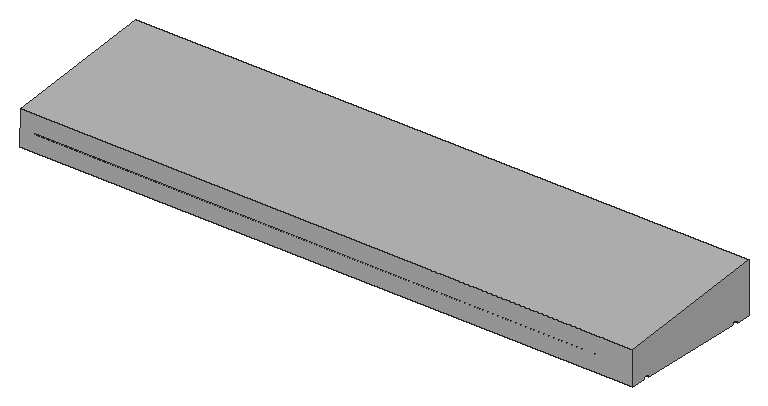
Revit family "WC349 Feather Edge", category Generic Models, Revit 2020
Family settings
  Can host rebar = No
  Round Connector Dimension = Use Diameter
  Part Type = Normal
  Work Plane-Based = No
  Always vertical = Yes
  Cut with Voids When Loaded = No
  Shared = No
  Room Calculation Point = No
Parameters
  Weight = "30Kg"
  Warranty Guarantor Parts = "n/a"
  Warranty Guarantor Labour = "n/a"
  Warranty Duration Unit = "n/a"
  Warranty Duration Parts = "n/a"
  Warranty Duration Labour = "n/a"
  Warranty Description = "n/a"
  Unit Width [instance] = 215 mm
  Unit Length [instance] = 914 mm
  Unit Height [instance] = 75 mm
  URL = "www.killeshal.com"
  Types = "Single"
  Type Comments = "Visit our website for a full list of available products."
  Sustainability Performance = "n/a"
  Structural Class = "n/a"
  Span = "Unit Length"
  Slope = "0.00°"
  Size = "215mm x 75 to 50mm"
  Shape = "As per drawing"
  Service Life = "0.000000"
  Serial Number = "n/a"
  Resistance to Fire = "n/a"
  Replacement Cost = "n/a"
  Reference = "n/a"
  Notified Body = "n/a"
  Nominal Cover to Main Bar = "n/a"
  Model = "W/C 349 Wall Cap."
  Mechanical Resistance = "n/a"
  Manufacturer = "Killeshal Precast Concrete Ltd."
  Load Bearing = no
  Life Cycle Environmental Load = "n/a"
  Length Options = "Stock size 914mm."
  Keynote = "The information contained is the sole property of KPC Ltd., any reproduction in part or whole without permission of KPC Ltd. is prohibited."
  Environmental Product Declaration = "n/a"
  Environmental Class = "n/a"
  Durability against Corrosion = "n/a"
  Dimension Accuracy Class = "n/a"
  Detailing = "As per design specification and product drawings."
  Description = "Feather Edge Wall Cap"
  Default Elevation = 0 mm
  Dangerous Substances = "n/a"
  Contact Tel = "0035357 9353018"
  Contact Email = "sales@killeshal.com"
  Construction Type = "Precast"
  Construction Tolerance Class = "n/a"
  Compressive Strength of Concrete = "n/a"
  Characteristics of Reinforcing Steel = "n/a"
  Characteristics Deflection Under Load = "n/a"
Reference planes
  plane 1 "Center (Front/Back)": y = 0
  plane 2: z = 0
  plane 3 "Center (Left/Right)": x = 0
  plane 4 "Rear": y = 107.5
  plane 5 "Front": y = -107.5
  plane 6 "Top": z = 75
  plane 7 "Center L/T": z = 50
Forms (mm)
  Extrusion 1, solid, material "Precast Concrete (KPC)"
    sketch origin (0, 0, 0) x (0, 1, 0) y (0, 0, 1)
      loop
        line (-107.5, 50) -> (-107.5, 0) -> (-87.5, 0)
        arc (-87.5, 0) -> (-82.5, 5) -> (-77.5, 0) r 5
        line (-77.5, 0) -> (77.5, 0)
        arc (77.5, 0) -> (82.5, 5) -> (87.5, 0) r 5
        line (87.5, 0) -> (107.5, 0) -> (107.5, 75) -> (-107.5, 50)
    from 0 to 914
Dimensions and locks
  "Unit Length": Extrusion 1 to Extrusion 1
  "Unit Width": Extrusion 1 to Extrusion 1
  "Unit Height": Extrusion 1 to plane 6 "Top"
  Extrusion 1 to plane 7 "Center L/T" = 50 mm
  aligned and locked: level to plane 2
Automatic sketch dimensions
  Extrusion 1 sketch curve to plane 5 "Front" = 0 mm
  Extrusion 1 sketch curve to level = 0 mm
  Extrusion 1 sketch curve to plane 4 "Rear" = 0 mm
  Extrusion 1 sketch curve to plane 7 "Center L/T" = 0 mm
  Extrusion 1 sketch curve to plane 6 "Top" = 0 mm
  plane 5 "Front" to Extrusion 1 sketch curve = 20 mm
  Extrusion 1 sketch curve to Extrusion 1 sketch curve = 5 mm  (x2)
  Extrusion 1 sketch curve to Extrusion 1 sketch curve = 30 mm
